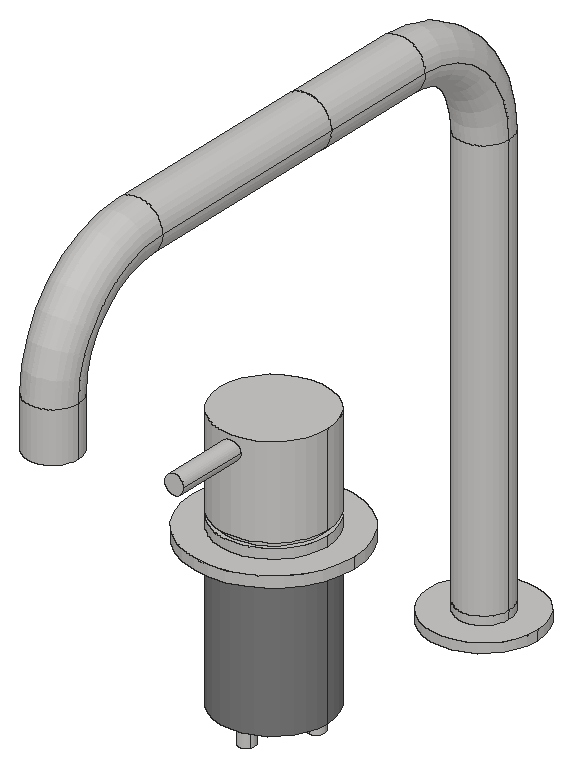
Revit family "590", category Plumbing Fixtures, Revit 2021
Family settings
  Round Connector Dimension = Use Diameter
  Part Type = Normal
  Work Plane-Based = No
  Always vertical = Yes
  Cut with Voids When Loaded = No
  Shared = No
  Room Calculation Point = No
Parameters
  e-mail = "info@vola.com"
  URL = "http://vola.com"
  Telephone = "+45 7023 5500"
  Quality management standard = "ISO 9001"
  Organisation no. / DUNS no. = "17531328"
  Occupational health and safety management standard = "ISO 18001"
  Mounting Instructions = "http://vola.com/service/producturl.ashx?name=590"
  Model = "590"
  Materials and components information = "http://vola.com/service/producturl.ashx?name=590"
  Manufacturer = "VOLA A/S"
  Maintenance Instructions = "http://vola.com/service/producturl.ashx?name=590"
  Guarantee = "2 years"
  Flow = "9,00 l/min"
  Environmental management standard = "ISO 14000"
  Default Elevation = 0.00 mm
  Connection - All relevant connections = "10mm flexible hose"
  Approvals = "http://vola.com/service/producturl.ashx?name=590"
Reference planes
  plane 1 "Center (Front/Back)": y = 0
  plane 2: z = 0
  plane 3 "Center (Left/Right)": x = 0
Dimensions and locks
  aligned and locked: plane 2 to level
Nested families
  nested 1: "090" at (0, 0, 0), type "090"
  nested 2: "500" at (-78, 0, 0), type "500"
Connectors
  piping at (-88.825, 6.25, -63), diameter 6
    settings: on nested 2, index 1, connector inside diameter 0.23622", connector length 0.00 mm, flow factor 0, pipe flow 0 GPM, pressure drop 0.00 psi, fitting loss kfactor 0, connector angle 0.00°, fixture units 0, engagement length 0.00 mm, angle of deflection 0.00°, flow configuration 0, flow direction 1, fitting loss method 0, system type 19, joint type 0, gender type 0, connector reference index -1, connector utility 0, adjustable connector no, is connector primary yes, connector description ""
  piping at (-67.175, 6.25, -63), diameter 6
    settings: on nested 2, index 2, connector inside diameter 0.23622", connector length 0.00 mm, flow factor 0, pipe flow 0 GPM, pressure drop 0.00 psi, fitting loss kfactor 0, connector angle 0.00°, fixture units 0, engagement length 0.00 mm, angle of deflection 0.00°, flow configuration 0, flow direction 1, fitting loss method 0, system type 20, joint type 0, gender type 0, connector reference index -1, connector utility 0, adjustable connector no, is connector primary no, connector description ""
Definition of nested family "090"
  Parameters
    e-mail = "info@vola.com"
    URL = "http://vola.com"
    Telephone = "+45 7023 5500"
    Quality management standard = "ISO 9001"
    Organisation no. / DUNS no. = "17531328"
    Occupational health and safety management standard = "ISO 18001"
    Mounting Instructions = "http://vola.com/service/producturl.ashx?name=090"
    Model = "090"
    Materials and components information = "http://vola.com/service/producturl.ashx?name=090"
    Manufacturer = "VOLA A/S"
    Maintenance Instructions = "http://vola.com/service/producturl.ashx?name=090"
    Guarantee = "2 years"
    Environmental management standard = "ISO 14000"
    Default Elevation = 0.00 mm
    Connection - All relevant connections = ""
    Approvals = "http://vola.com/service/producturl.ashx?name=090"
  Reference planes
    plane 1 "Center (Front/Back)": y = 0
    plane 2: z = 0
    plane 3 "Center (Left/Right)": x = 0
  Forms (mm)
    Sweep 1, solid
      path origin (0, 0, 0) x (0, 1, 0) y (0, 0, 1)
        loop
          line (0, 6.5) -> (0, 163)
          arc (0, 163) -> (-11.423, 190.577) -> (-39, 202) r 39
          line (-39, 202) -> (-82.5, 202)
      profile origin (0, 0, 84.75) x (0, -1, 0) y (1, 0, 0)
        loop
          circle (0, 0) r 9.5
    Extrusion 2, solid
      sketch origin (0, 0, 0) x (1, 0, 0) y (0, 1, 0)
        loop
          circle (0, 0) r 20
      from 0 to 3.5
    Extrusion 3, solid
      sketch origin (0, 0, 3.5) x (1, 0, 0) y (0, 1, 0)
        loop
          circle (0, 0) r 9.5
      from 0 to 3
    Sweep 4, solid
      path origin (0, 0, 0) x (0, 1, 0) y (0, 0, 1)
        loop
          line (-82.5, 202) -> (-161, 202)
          arc (-161, 202) -> (-188.577, 190.577) -> (-200, 163) r 39
      profile origin (0, -121.75, 202) x (0, 0, -1) y (1, 0, 0)
        loop
          circle (0, 0) r 9.5
    Extrusion 5, solid
      sketch origin (0, -200, 163) x (0, -1, 0) y (-1, 0, 0)
        loop
          circle (0, 0) r 9.5
      from 0 to 18.5
  Cuts and joins
    joined: Sweep 1, Extrusion 2
  Dimensions and locks
    aligned and locked: plane 2 to level
Definition of nested family "500"
  Parameters
    e-mail = "info@vola.com"
    URL = "http://vola.com"
    Telephone = "+45 7023 5500"
    Quality management standard = "ISO 9001"
    Organisation no. / DUNS no. = "17531328"
    Occupational health and safety management standard = "ISO 18001"
    Mounting Instructions = "http://vola.com/service/producturl.ashx?name=500"
    Model = "500"
    Materials and components information = "http://vola.com/service/producturl.ashx?name=500"
    Manufacturer = "VOLA A/S"
    Maintenance Instructions = "http://vola.com/service/producturl.ashx?name=500"
    Guarantee = "2 years"
    Flow = "14,50 l/min"
    Environmental management standard = "ISO 14000"
    Default Elevation = 0.00 mm
    Connection - All relevant connections = "10mm flexible hose"
    Approvals = "http://vola.com/service/producturl.ashx?name=500"
  Reference planes
    plane 1 "Center (Front/Back)": y = 0
    plane 2: z = 0
    plane 3 "Center (Left/Right)": x = 0
  Forms (mm)
    Extrusion 1, solid
      sketch origin (0, 0, 0) x (1, 0, 0) y (0, 1, 0)
        loop
          circle (0, 0) r 30
      from 0 to 4
    Extrusion 2, solid
      sketch origin (0, 0, 7.5) x (1, 0, 0) y (0, 1, 0)
        loop
          circle (0, 0) r 18.25
      from 0 to 2
    Extrusion 3, solid
      sketch origin (0, 0, 9.5) x (1, 0, 0) y (0, 1, 0)
        loop
          circle (0, 0) r 20
      from 0 to 33.5
    Extrusion 4, solid
      sketch origin (0, 0, 3.25) x (1, 0, 0) y (0, 0, 1)
        loop
          circle (0, 34.5) r 3.5
      from 0 to 46
    Extrusion 5, solid
      sketch origin (0, 0, 0) x (0, 1, 0) y (1, 0, 0)
        loop
          circle (0, 0) r 20
      from 0 to 55
    Extrusion 6, solid
      sketch origin (0, 0, -55) x (0, 1, 0) y (1, 0, 0)
        loop
          circle (6.25, 10.825) r 3
        loop
          circle (6.25, -10.825) r 3
        loop
          circle (-12.5, 0) r 3
      from 0 to 8
    Extrusion 7, solid
      sketch origin (0, 0, 4) x (1, 0, 0) y (0, 1, 0)
        loop
          circle (0, 0) r 20
      from 0 to 3.5
  Cuts and joins
    joined: Extrusion 3, Extrusion 4
  Lines and regions (mm)
    model lines
      curve 1: line (6.05, -19.063, 43) -> (6.05, 19.063, 43)
      curve 2: line (-6.05, -19.063, 43) -> (-6.05, 19.063, 43)
    reference lines
      curve 3: line (-10.825, 6.25, -55) -> (-10.825, 6.25, -80)
      curve 4: line (10.825, 6.25, -55) -> (10.825, 6.25, -80)
  Dimensions and locks
    aligned and locked: plane 2 to level
